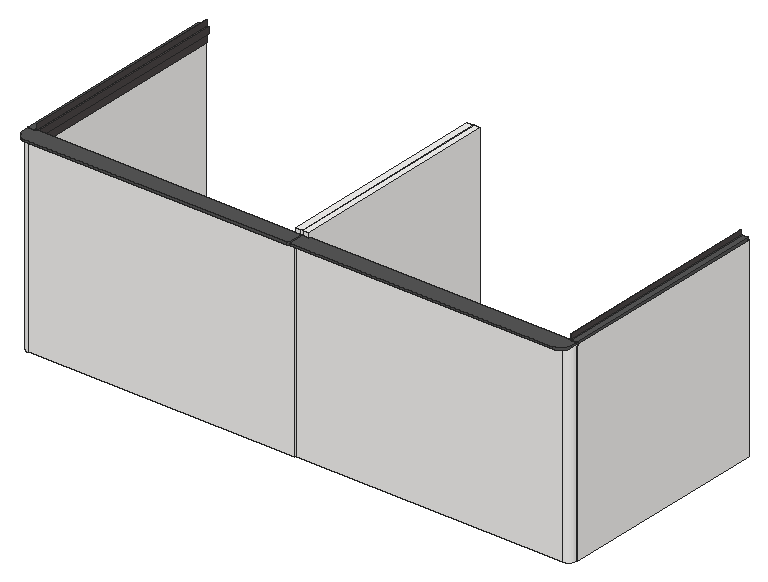
Revit family "vanity unit with 2 drawers for consoles with countertop basin ground", category Furniture, Revit 2019
Family settings
  OmniClass Number = 23.21.19.15.33.13
  Work Plane-Based = No
  Always vertical = Yes
  Cut with Voids When Loaded = No
  Shared = Yes
  Room Calculation Point = No
Parameters (values of type "Vanity unit 1360_550 with 2 drawers for consoles with countertop basin ground-54066670-High Gloss White-MATT_BLACK-400")
  etim7_EC011381 = "EC011381"
  WEIGHT = "45.1"
  Vanity unit 1560_550 with 2 drawers for consoles with countertop basin ground-54073700-Dark Walnut-MATT_WHITE-400_RX0RY0RZ0TX0TY0TZ0_V = no
  Vanity unit 1560_550 with 2 drawers for consoles with countertop basin ground-54073700-Dark Walnut-MATT_WHITE-200_RX0RY0RZ0TX0TY0TZ0_V = no
  Vanity unit 1560_550 with 2 drawers for consoles with countertop basin ground-54073670-Dark Walnut-MATT_BLACK-400_RX0RY0RZ0TX0TY0TZ0_V = no
  Vanity unit 1560_550 with 2 drawers for consoles with countertop basin ground-54073670-Dark Walnut-MATT_BLACK-200_RX0RY0RZ0TX0TY0TZ0_V = no
  Vanity unit 1560_550 with 2 drawers for consoles with countertop basin ground-54073000-Dark Walnut-CHROME-400_RX0RY0RZ0TX0TY0TZ0_V = no
  Vanity unit 1560_550 with 2 drawers for consoles with countertop basin ground-54073000-Dark Walnut-CHROME-200_RX0RY0RZ0TX0TY0TZ0_V = no
  Vanity unit 1560_550 with 2 drawers for consoles with countertop basin ground-54072700-Natural Oak-MATT_WHITE-400_RX0RY0RZ0TX0TY0TZ0_V = no
  Vanity unit 1560_550 with 2 drawers for consoles with countertop basin ground-54072700-Natural Oak-MATT_WHITE-200_RX0RY0RZ0TX0TY0TZ0_V = no
  Vanity unit 1560_550 with 2 drawers for consoles with countertop basin ground-54072670-Natural Oak-MATT_BLACK-400_RX0RY0RZ0TX0TY0TZ0_V = no
  Vanity unit 1560_550 with 2 drawers for consoles with countertop basin ground-54072670-Natural Oak-MATT_BLACK-200_RX0RY0RZ0TX0TY0TZ0_V = no
  Vanity unit 1560_550 with 2 drawers for consoles with countertop basin ground-54072000-Natural Oak-CHROME-400_RX0RY0RZ0TX0TY0TZ0_V = no
  Vanity unit 1560_550 with 2 drawers for consoles with countertop basin ground-54072000-Natural Oak-CHROME-200_RX0RY0RZ0TX0TY0TZ0_V = no
  Vanity unit 1560_550 with 2 drawers for consoles with countertop basin ground-54071700-Diamond Matt Grey-MATT_WHITE-400_RX0RY0RZ0TX0TY0TZ0_V = no
  Vanity unit 1560_550 with 2 drawers for consoles with countertop basin ground-54071700-Diamond Matt Grey-MATT_WHITE-200_RX0RY0RZ0TX0TY0TZ0_V = no
  Vanity unit 1560_550 with 2 drawers for consoles with countertop basin ground-54071670-Diamond Matt Grey-MATT_BLACK-400_RX0RY0RZ0TX0TY0TZ0_V = no
  Vanity unit 1560_550 with 2 drawers for consoles with countertop basin ground-54071670-Diamond Matt Grey-MATT_BLACK-200_RX0RY0RZ0TX0TY0TZ0_V = no
  Vanity unit 1560_550 with 2 drawers for consoles with countertop basin ground-54071000-Diamond Matt Grey-CHROME-400_RX0RY0RZ0TX0TY0TZ0_V = no
  Vanity unit 1560_550 with 2 drawers for consoles with countertop basin ground-54071000-Diamond Matt Grey-CHROME-200_RX0RY0RZ0TX0TY0TZ0_V = no
  Vanity unit 1560_550 with 2 drawers for consoles with countertop basin ground-54070700-High Gloss White-MATT_WHITE-400_RX0RY0RZ0TX0TY0TZ0_V = no
  Vanity unit 1560_550 with 2 drawers for consoles with countertop basin ground-54070700-High Gloss White-MATT_WHITE-200_RX0RY0RZ0TX0TY0TZ0_V = no
  Vanity unit 1560_550 with 2 drawers for consoles with countertop basin ground-54070670-High Gloss White-MATT_BLACK-400_RX0RY0RZ0TX0TY0TZ0_V = no
  Vanity unit 1560_550 with 2 drawers for consoles with countertop basin ground-54070670-High Gloss White-MATT_BLACK-200_RX0RY0RZ0TX0TY0TZ0_V = no
  Vanity unit 1560_550 with 2 drawers for consoles with countertop basin ground-54070000-High Gloss White-CHROME-400_RX0RY0RZ0TX0TY0TZ0_V = no
  Vanity unit 1560_550 with 2 drawers for consoles with countertop basin ground-54070000-High Gloss White-CHROME-200_RX0RY0RZ0TX0TY0TZ0_V = no
  Vanity unit 1360_550 with 2 drawers for consoles with countertop basin ground-54069700-Dark Walnut-MATT_WHITE-400_RX0RY0RZ0TX0TY0TZ0_V = no
  Vanity unit 1360_550 with 2 drawers for consoles with countertop basin ground-54069700-Dark Walnut-MATT_WHITE-200_RX0RY0RZ0TX0TY0TZ0_V = no
  Vanity unit 1360_550 with 2 drawers for consoles with countertop basin ground-54069670-Dark Walnut-MATT_BLACK-400_RX0RY0RZ0TX0TY0TZ0_V = no
  Vanity unit 1360_550 with 2 drawers for consoles with countertop basin ground-54069670-Dark Walnut-MATT_BLACK-200_RX0RY0RZ0TX0TY0TZ0_V = no
  Vanity unit 1360_550 with 2 drawers for consoles with countertop basin ground-54069000-Dark Walnut-CHROME-400_RX0RY0RZ0TX0TY0TZ0_V = no
  Vanity unit 1360_550 with 2 drawers for consoles with countertop basin ground-54069000-Dark Walnut-CHROME-200_RX0RY0RZ0TX0TY0TZ0_V = no
  Vanity unit 1360_550 with 2 drawers for consoles with countertop basin ground-54068700-Natural Oak-MATT_WHITE-400_RX0RY0RZ0TX0TY0TZ0_V = no
  Vanity unit 1360_550 with 2 drawers for consoles with countertop basin ground-54068700-Natural Oak-MATT_WHITE-200_RX0RY0RZ0TX0TY0TZ0_V = no
  Vanity unit 1360_550 with 2 drawers for consoles with countertop basin ground-54068670-Natural Oak-MATT_BLACK-400_RX0RY0RZ0TX0TY0TZ0_V = no
  Vanity unit 1360_550 with 2 drawers for consoles with countertop basin ground-54068670-Natural Oak-MATT_BLACK-200_RX0RY0RZ0TX0TY0TZ0_V = no
  Vanity unit 1360_550 with 2 drawers for consoles with countertop basin ground-54068000-Natural Oak-CHROME-400_RX0RY0RZ0TX0TY0TZ0_V = no
  Vanity unit 1360_550 with 2 drawers for consoles with countertop basin ground-54068000-Natural Oak-CHROME-200_RX0RY0RZ0TX0TY0TZ0_V = no
  Vanity unit 1360_550 with 2 drawers for consoles with countertop basin ground-54067700-Diamond Matt Grey-MATT_WHITE-400_RX0RY0RZ0TX0TY0TZ0_V = no
  Vanity unit 1360_550 with 2 drawers for consoles with countertop basin ground-54067700-Diamond Matt Grey-MATT_WHITE-200_RX0RY0RZ0TX0TY0TZ0_V = no
  Vanity unit 1360_550 with 2 drawers for consoles with countertop basin ground-54067670-Diamond Matt Grey-MATT_BLACK-400_RX0RY0RZ0TX0TY0TZ0_V = no
  Vanity unit 1360_550 with 2 drawers for consoles with countertop basin ground-54067670-Diamond Matt Grey-MATT_BLACK-200_RX0RY0RZ0TX0TY0TZ0_V = no
  Vanity unit 1360_550 with 2 drawers for consoles with countertop basin ground-54067000-Diamond Matt Grey-CHROME-400_RX0RY0RZ0TX0TY0TZ0_V = no
  Vanity unit 1360_550 with 2 drawers for consoles with countertop basin ground-54067000-Diamond Matt Grey-CHROME-200_RX0RY0RZ0TX0TY0TZ0_V = no
  Vanity unit 1360_550 with 2 drawers for consoles with countertop basin ground-54066700-High Gloss White-MATT_WHITE-400_RX0RY0RZ0TX0TY0TZ0_V = no
  Vanity unit 1360_550 with 2 drawers for consoles with countertop basin ground-54066700-High Gloss White-MATT_WHITE-200_RX0RY0RZ0TX0TY0TZ0_V = no
  Vanity unit 1360_550 with 2 drawers for consoles with countertop basin ground-54066670-High Gloss White-MATT_BLACK-400_RX0RY0RZ0TX0TY0TZ0_V = yes
  Vanity unit 1360_550 with 2 drawers for consoles with countertop basin ground-54066670-High Gloss White-MATT_BLACK-200_RX0RY0RZ0TX0TY0TZ0_V = no
  Vanity unit 1360_550 with 2 drawers for consoles with countertop basin ground-54066000-High Gloss White-CHROME-400_RX0RY0RZ0TX0TY0TZ0_V = no
  Vanity unit 1360_550 with 2 drawers for consoles with countertop basin ground-54066000-High Gloss White-CHROME-200_RX0RY0RZ0TX0TY0TZ0_V = no
  UNSPSC = "56 | Furniture and Furnishings"
  UNIFORMATII = "E2010 | Fixed Furnishings"
  UNICLASS_2015_CODE = "40_30_78_05"
  UNICLASS2015 = "Pr_40_30_78_05 | Bathroom furniture"
  SURFACE = "MATT_BLACK"
  REGIONSET = "Worldwide"
  PRODUCTURL = "https://pro.hansgrohe.com/articledetail--54066000"
  PRODUCTGROUP = "vanity unit"
  PRODUCTFAMILY = "Xelu Q"
  PERMALINK = "54066XXX"
  OMNICLASS = "23-21 19 15 33 13 | Residential Bathroom Specialty Casework"
  OBJECTTYPE = "Object (single object)"
  OBERFLAECHE = "High Gloss White"
  NN = "Vanity Unit with 2 Drawers for consoles with countertop basin ground"
  NBSYN = "$BASENUMBER.-$ARTNR.-$OBERFLAECHE.-$SURFACE.-$LODLEVEL."
  NB = "Vanity unit 1360/550 with 2 drawers for consoles with countertop basin ground-54066670-High Gloss White-MATT_BLACK-400"
  NAME = "Xelu Q Vanity unit High Gloss White 1360/550 with 2 drawers for consoles with countertop basin ground"
  Model = "Vanity unit 1360/550 with 2 drawers for consoles with countertop basin ground-54066670-High Gloss White-MATT_BLACK-400"
  Manufacturer = "Hansgrohe"
  MIdent = "{$CADENAS_DATA/23d-libs/hansgrohe/xelu_furniture/vanity_unit_with_2_drawers_for_consoles_countertop/vanity_unit_2_drawers_for_consoles_countertop.prj},446 {VTYP=3D},{NB=Vanity unit 1360/550 with 2 drawers for consoles with countertop basin ground-54066670-High Gloss White-MATT_BLACK-400},{LINA=Vanity unit 1360/550 with 2 drawers for consoles with countertop basin ground-54066670-High Gloss White-MATT_BLACK-400},{NN=Vanity Unit with 2 Drawers for consoles with countertop basin ground},{DATE=13.03.2023 02:42:47},{GEOMDATE=08.03.2023 14:02:26},{VERSION=},{LINEID=20},{WBVAR=LODLEVEL},{WBNUMERIC=}  {NB=Vanity unit 1360/550 with 2 drawers for consoles with countertop basin ground-54066670-High Gloss White-MATT_BLACK-400},{LINA=Vanity unit 1360/550 with 2 drawers for consoles with countertop basin ground-54066670-High Gloss White-MATT_BLACK-400},{KT=DUMMY},{IDNR=2},{ARTNR=54066670},{BASENUMBER=Vanity unit 1360/550 with 2 drawers for consoles with countertop basin ground},{MODEL=54066XXX},{OBERFLAECHE=High Gloss White},{SURFACE=MATT_BLACK},{L=1360},{LODLEVEL=400},{LODLEVELX='400','400','200','200'},{NAME=Xelu Q Vanity unit High Gloss White 1360/550 with 2 drawers for consoles with countertop basin ground},{PERMALINK=54066XXX},{OBJECTTYPE=Object (single object)},{BIMOBJECT=Sanitary: Compound units},{PRODUCTFAMILY=Xelu Q},{PRODUCTGROUP=vanity unit},{WEIGHT=45.1},{DESCRIPTION=Xelu Q Vanity unit High Gloss White 1360/550 with 2 drawers for consoles with countertop basin ground},{SPECIFICATION=},{PRODUCTURL=https://pro.hansgrohe.com/articledetail--54066000},{GTINCODE=4059625456378},{TENDERURL=},{IFC=Furnishing element},{ETIM=EC011381 | Bathroom furniture set},{UNICLASS2015=Pr_40_30_78_05 | Bathroom furniture},{OMNICLASS=23-21 19 15 33 13 | Residential Bathroom Specialty Casework},{MASTERFORMAT=12 35 30.23 | Bathroom Casework},{UNSPSC=56 | Furniture and Furnishings},{UNIFORMATII=E2010 | Fixed Furnishings},{REGIONSET=Worldwide},{DESIGN=Germany},{MANUFACTURER=Germany}"
  MASTERFORMAT = "12 35 30.23 | Bathroom Casework"
  LODLEVEL = "400"
  LINA = "Vanity unit 1360/550 with 2 drawers for consoles with countertop basin ground-54066670-High Gloss White-MATT_BLACK-400"
  L = 1360
  IFC = "Furnishing element"
  GTINCODE = "4059625456378"
  ETIM = "EC011381 | Bathroom furniture set"
  DESIGN = "Germany"
  CATALOG = "Hansgrohe"
  BIMOBJECT = "Sanitary: Compound units"
  BASENUMBER = "Vanity unit 1360/550 with 2 drawers for consoles with countertop basin ground"
  ARTNR = "54066670"
Reference planes
  plane 1 "Center (Front/Back)": y = 0
  plane 2: z = 0
  plane 3 "Center (Left/Right)": x = 0
Dimensions and locks
  aligned and locked: level to plane 2
Nested families
  nested 1: "vanity unit 1360_550 with 2 drawers for consoles with countertop basin ground-54066000-high gloss white-chrome-200_conte" at (0, 0, 0), visible <- "Vanity unit 1360_550 with 2 drawers for consoles with countertop basin ground-54066000-High Gloss White-CHROME-200_RX0RY0RZ0TX0TY0TZ0_V", ContentVisible <- "Vanity unit 1360_550 with 2 drawers for consoles with countertop basin ground-54066000-High Gloss White-CHROME-200_RX0RY0RZ0TX0TY0TZ0_V", type ""
    with ContentVisible no
  nested 2: "vanity unit 1360_550 with 2 drawers for consoles with countertop basin ground-54066000-high gloss white-chrome-400_conte" at (0, 0, 0), visible <- "Vanity unit 1360_550 with 2 drawers for consoles with countertop basin ground-54066000-High Gloss White-CHROME-400_RX0RY0RZ0TX0TY0TZ0_V", ContentVisible <- "Vanity unit 1360_550 with 2 drawers for consoles with countertop basin ground-54066000-High Gloss White-CHROME-400_RX0RY0RZ0TX0TY0TZ0_V", type ""
    with ContentVisible no
  nested 3: "vanity unit 1360_550 with 2 drawers for consoles with countertop basin ground-54066670-high gloss white-matt_black-200_c" at (0, 0, 0), visible <- "Vanity unit 1360_550 with 2 drawers for consoles with countertop basin ground-54066670-High Gloss White-MATT_BLACK-200_RX0RY0RZ0TX0TY0TZ0_V", ContentVisible <- "Vanity unit 1360_550 with 2 drawers for consoles with countertop basin ground-54066670-High Gloss White-MATT_BLACK-200_RX0RY0RZ0TX0TY0TZ0_V", type ""
    with ContentVisible no
  nested 4: "vanity unit 1360_550 with 2 drawers for consoles with countertop basin ground-54066670-high gloss white-matt_black-400_c" at (0, 0, 0), visible <- "Vanity unit 1360_550 with 2 drawers for consoles with countertop basin ground-54066670-High Gloss White-MATT_BLACK-400_RX0RY0RZ0TX0TY0TZ0_V", ContentVisible <- "Vanity unit 1360_550 with 2 drawers for consoles with countertop basin ground-54066670-High Gloss White-MATT_BLACK-400_RX0RY0RZ0TX0TY0TZ0_V", type "Vanity unit 1360_550 with 2 drawers for consoles with countertop basin ground-54066670-High Gloss White-MATT_BLACK-400_C"
    with ContentVisible yes
  nested 5: "vanity unit 1360_550 with 2 drawers for consoles with countertop basin ground-54066700-high gloss white-matt_white-200_c" at (0, 0, 0), visible <- "Vanity unit 1360_550 with 2 drawers for consoles with countertop basin ground-54066700-High Gloss White-MATT_WHITE-200_RX0RY0RZ0TX0TY0TZ0_V", ContentVisible <- "Vanity unit 1360_550 with 2 drawers for consoles with countertop basin ground-54066700-High Gloss White-MATT_WHITE-200_RX0RY0RZ0TX0TY0TZ0_V", type ""
    with ContentVisible no
  nested 6: "vanity unit 1360_550 with 2 drawers for consoles with countertop basin ground-54066700-high gloss white-matt_white-400_c" at (0, 0, 0), visible <- "Vanity unit 1360_550 with 2 drawers for consoles with countertop basin ground-54066700-High Gloss White-MATT_WHITE-400_RX0RY0RZ0TX0TY0TZ0_V", ContentVisible <- "Vanity unit 1360_550 with 2 drawers for consoles with countertop basin ground-54066700-High Gloss White-MATT_WHITE-400_RX0RY0RZ0TX0TY0TZ0_V", type ""
    with ContentVisible no
  nested 7: "vanity unit 1360_550 with 2 drawers for consoles with countertop basin ground-54067000-diamond matt grey-chrome-200_cont" at (0, 0, 0), visible <- "Vanity unit 1360_550 with 2 drawers for consoles with countertop basin ground-54067000-Diamond Matt Grey-CHROME-200_RX0RY0RZ0TX0TY0TZ0_V", ContentVisible <- "Vanity unit 1360_550 with 2 drawers for consoles with countertop basin ground-54067000-Diamond Matt Grey-CHROME-200_RX0RY0RZ0TX0TY0TZ0_V", type ""
    with ContentVisible no
  nested 8: "vanity unit 1360_550 with 2 drawers for consoles with countertop basin ground-54067000-diamond matt grey-chrome-400_cont" at (0, 0, 0), visible <- "Vanity unit 1360_550 with 2 drawers for consoles with countertop basin ground-54067000-Diamond Matt Grey-CHROME-400_RX0RY0RZ0TX0TY0TZ0_V", ContentVisible <- "Vanity unit 1360_550 with 2 drawers for consoles with countertop basin ground-54067000-Diamond Matt Grey-CHROME-400_RX0RY0RZ0TX0TY0TZ0_V", type ""
    with ContentVisible no
  nested 9: "vanity unit 1360_550 with 2 drawers for consoles with countertop basin ground-54067670-diamond matt grey-matt_black-200_" at (0, 0, 0), visible <- "Vanity unit 1360_550 with 2 drawers for consoles with countertop basin ground-54067670-Diamond Matt Grey-MATT_BLACK-200_RX0RY0RZ0TX0TY0TZ0_V", ContentVisible <- "Vanity unit 1360_550 with 2 drawers for consoles with countertop basin ground-54067670-Diamond Matt Grey-MATT_BLACK-200_RX0RY0RZ0TX0TY0TZ0_V", type ""
    with ContentVisible no
  nested 10: "vanity unit 1360_550 with 2 drawers for consoles with countertop basin ground-54067670-diamond matt grey-matt_black-400_" at (0, 0, 0), visible <- "Vanity unit 1360_550 with 2 drawers for consoles with countertop basin ground-54067670-Diamond Matt Grey-MATT_BLACK-400_RX0RY0RZ0TX0TY0TZ0_V", ContentVisible <- "Vanity unit 1360_550 with 2 drawers for consoles with countertop basin ground-54067670-Diamond Matt Grey-MATT_BLACK-400_RX0RY0RZ0TX0TY0TZ0_V", type ""
    with ContentVisible no
  nested 11: "vanity unit 1360_550 with 2 drawers for consoles with countertop basin ground-54067700-diamond matt grey-matt_white-200_" at (0, 0, 0), visible <- "Vanity unit 1360_550 with 2 drawers for consoles with countertop basin ground-54067700-Diamond Matt Grey-MATT_WHITE-200_RX0RY0RZ0TX0TY0TZ0_V", ContentVisible <- "Vanity unit 1360_550 with 2 drawers for consoles with countertop basin ground-54067700-Diamond Matt Grey-MATT_WHITE-200_RX0RY0RZ0TX0TY0TZ0_V", type ""
    with ContentVisible no
  nested 12: "vanity unit 1360_550 with 2 drawers for consoles with countertop basin ground-54067700-diamond matt grey-matt_white-400_" at (0, 0, 0), visible <- "Vanity unit 1360_550 with 2 drawers for consoles with countertop basin ground-54067700-Diamond Matt Grey-MATT_WHITE-400_RX0RY0RZ0TX0TY0TZ0_V", ContentVisible <- "Vanity unit 1360_550 with 2 drawers for consoles with countertop basin ground-54067700-Diamond Matt Grey-MATT_WHITE-400_RX0RY0RZ0TX0TY0TZ0_V", type ""
    with ContentVisible no
  nested 13: "vanity unit 1360_550 with 2 drawers for consoles with countertop basin ground-54068000-natural oak-chrome-200_content" at (0, 0, 0), visible <- "Vanity unit 1360_550 with 2 drawers for consoles with countertop basin ground-54068000-Natural Oak-CHROME-200_RX0RY0RZ0TX0TY0TZ0_V", ContentVisible <- "Vanity unit 1360_550 with 2 drawers for consoles with countertop basin ground-54068000-Natural Oak-CHROME-200_RX0RY0RZ0TX0TY0TZ0_V", type ""
    with ContentVisible no
  nested 14: "vanity unit 1360_550 with 2 drawers for consoles with countertop basin ground-54068000-natural oak-chrome-400_content" at (0, 0, 0), visible <- "Vanity unit 1360_550 with 2 drawers for consoles with countertop basin ground-54068000-Natural Oak-CHROME-400_RX0RY0RZ0TX0TY0TZ0_V", ContentVisible <- "Vanity unit 1360_550 with 2 drawers for consoles with countertop basin ground-54068000-Natural Oak-CHROME-400_RX0RY0RZ0TX0TY0TZ0_V", type ""
    with ContentVisible no
  nested 15: "vanity unit 1360_550 with 2 drawers for consoles with countertop basin ground-54068670-natural oak-matt_black-200_conten" at (0, 0, 0), visible <- "Vanity unit 1360_550 with 2 drawers for consoles with countertop basin ground-54068670-Natural Oak-MATT_BLACK-200_RX0RY0RZ0TX0TY0TZ0_V", ContentVisible <- "Vanity unit 1360_550 with 2 drawers for consoles with countertop basin ground-54068670-Natural Oak-MATT_BLACK-200_RX0RY0RZ0TX0TY0TZ0_V", type ""
    with ContentVisible no
  nested 16: "vanity unit 1360_550 with 2 drawers for consoles with countertop basin ground-54068670-natural oak-matt_black-400_conten" at (0, 0, 0), visible <- "Vanity unit 1360_550 with 2 drawers for consoles with countertop basin ground-54068670-Natural Oak-MATT_BLACK-400_RX0RY0RZ0TX0TY0TZ0_V", ContentVisible <- "Vanity unit 1360_550 with 2 drawers for consoles with countertop basin ground-54068670-Natural Oak-MATT_BLACK-400_RX0RY0RZ0TX0TY0TZ0_V", type ""
    with ContentVisible no
  nested 17: "vanity unit 1360_550 with 2 drawers for consoles with countertop basin ground-54068700-natural oak-matt_white-200_conten" at (0, 0, 0), visible <- "Vanity unit 1360_550 with 2 drawers for consoles with countertop basin ground-54068700-Natural Oak-MATT_WHITE-200_RX0RY0RZ0TX0TY0TZ0_V", ContentVisible <- "Vanity unit 1360_550 with 2 drawers for consoles with countertop basin ground-54068700-Natural Oak-MATT_WHITE-200_RX0RY0RZ0TX0TY0TZ0_V", type ""
    with ContentVisible no
  nested 18: "vanity unit 1360_550 with 2 drawers for consoles with countertop basin ground-54068700-natural oak-matt_white-400_conten" at (0, 0, 0), visible <- "Vanity unit 1360_550 with 2 drawers for consoles with countertop basin ground-54068700-Natural Oak-MATT_WHITE-400_RX0RY0RZ0TX0TY0TZ0_V", ContentVisible <- "Vanity unit 1360_550 with 2 drawers for consoles with countertop basin ground-54068700-Natural Oak-MATT_WHITE-400_RX0RY0RZ0TX0TY0TZ0_V", type ""
    with ContentVisible no
  nested 19: "vanity unit 1360_550 with 2 drawers for consoles with countertop basin ground-54069000-dark walnut-chrome-200_content" at (0, 0, 0), visible <- "Vanity unit 1360_550 with 2 drawers for consoles with countertop basin ground-54069000-Dark Walnut-CHROME-200_RX0RY0RZ0TX0TY0TZ0_V", ContentVisible <- "Vanity unit 1360_550 with 2 drawers for consoles with countertop basin ground-54069000-Dark Walnut-CHROME-200_RX0RY0RZ0TX0TY0TZ0_V", type ""
    with ContentVisible no
  nested 20: "vanity unit 1360_550 with 2 drawers for consoles with countertop basin ground-54069000-dark walnut-chrome-400_content" at (0, 0, 0), visible <- "Vanity unit 1360_550 with 2 drawers for consoles with countertop basin ground-54069000-Dark Walnut-CHROME-400_RX0RY0RZ0TX0TY0TZ0_V", ContentVisible <- "Vanity unit 1360_550 with 2 drawers for consoles with countertop basin ground-54069000-Dark Walnut-CHROME-400_RX0RY0RZ0TX0TY0TZ0_V", type ""
    with ContentVisible no
  nested 21: "vanity unit 1360_550 with 2 drawers for consoles with countertop basin ground-54069670-dark walnut-matt_black-200_conten" at (0, 0, 0), visible <- "Vanity unit 1360_550 with 2 drawers for consoles with countertop basin ground-54069670-Dark Walnut-MATT_BLACK-200_RX0RY0RZ0TX0TY0TZ0_V", ContentVisible <- "Vanity unit 1360_550 with 2 drawers for consoles with countertop basin ground-54069670-Dark Walnut-MATT_BLACK-200_RX0RY0RZ0TX0TY0TZ0_V", type ""
    with ContentVisible no
  nested 22: "vanity unit 1360_550 with 2 drawers for consoles with countertop basin ground-54069670-dark walnut-matt_black-400_conten" at (0, 0, 0), visible <- "Vanity unit 1360_550 with 2 drawers for consoles with countertop basin ground-54069670-Dark Walnut-MATT_BLACK-400_RX0RY0RZ0TX0TY0TZ0_V", ContentVisible <- "Vanity unit 1360_550 with 2 drawers for consoles with countertop basin ground-54069670-Dark Walnut-MATT_BLACK-400_RX0RY0RZ0TX0TY0TZ0_V", type ""
    with ContentVisible no
  nested 23: "vanity unit 1360_550 with 2 drawers for consoles with countertop basin ground-54069700-dark walnut-matt_white-200_conten" at (0, 0, 0), visible <- "Vanity unit 1360_550 with 2 drawers for consoles with countertop basin ground-54069700-Dark Walnut-MATT_WHITE-200_RX0RY0RZ0TX0TY0TZ0_V", ContentVisible <- "Vanity unit 1360_550 with 2 drawers for consoles with countertop basin ground-54069700-Dark Walnut-MATT_WHITE-200_RX0RY0RZ0TX0TY0TZ0_V", type ""
    with ContentVisible no
  nested 24: "vanity unit 1360_550 with 2 drawers for consoles with countertop basin ground-54069700-dark walnut-matt_white-400_conten" at (0, 0, 0), visible <- "Vanity unit 1360_550 with 2 drawers for consoles with countertop basin ground-54069700-Dark Walnut-MATT_WHITE-400_RX0RY0RZ0TX0TY0TZ0_V", ContentVisible <- "Vanity unit 1360_550 with 2 drawers for consoles with countertop basin ground-54069700-Dark Walnut-MATT_WHITE-400_RX0RY0RZ0TX0TY0TZ0_V", type ""
    with ContentVisible no
  nested 25: "vanity unit 1560_550 with 2 drawers for consoles with countertop basin ground-54070000-high gloss white-chrome-200_conte" at (0, 0, 0), visible <- "Vanity unit 1560_550 with 2 drawers for consoles with countertop basin ground-54070000-High Gloss White-CHROME-200_RX0RY0RZ0TX0TY0TZ0_V", ContentVisible <- "Vanity unit 1560_550 with 2 drawers for consoles with countertop basin ground-54070000-High Gloss White-CHROME-200_RX0RY0RZ0TX0TY0TZ0_V", type ""
    with ContentVisible no
  nested 26: "vanity unit 1560_550 with 2 drawers for consoles with countertop basin ground-54070000-high gloss white-chrome-400_conte" at (0, 0, 0), visible <- "Vanity unit 1560_550 with 2 drawers for consoles with countertop basin ground-54070000-High Gloss White-CHROME-400_RX0RY0RZ0TX0TY0TZ0_V", ContentVisible <- "Vanity unit 1560_550 with 2 drawers for consoles with countertop basin ground-54070000-High Gloss White-CHROME-400_RX0RY0RZ0TX0TY0TZ0_V", type ""
    with ContentVisible no
  nested 27: "vanity unit 1560_550 with 2 drawers for consoles with countertop basin ground-54070670-high gloss white-matt_black-200_c" at (0, 0, 0), visible <- "Vanity unit 1560_550 with 2 drawers for consoles with countertop basin ground-54070670-High Gloss White-MATT_BLACK-200_RX0RY0RZ0TX0TY0TZ0_V", ContentVisible <- "Vanity unit 1560_550 with 2 drawers for consoles with countertop basin ground-54070670-High Gloss White-MATT_BLACK-200_RX0RY0RZ0TX0TY0TZ0_V", type ""
    with ContentVisible no
  nested 28: "vanity unit 1560_550 with 2 drawers for consoles with countertop basin ground-54070670-high gloss white-matt_black-400_c" at (0, 0, 0), visible <- "Vanity unit 1560_550 with 2 drawers for consoles with countertop basin ground-54070670-High Gloss White-MATT_BLACK-400_RX0RY0RZ0TX0TY0TZ0_V", ContentVisible <- "Vanity unit 1560_550 with 2 drawers for consoles with countertop basin ground-54070670-High Gloss White-MATT_BLACK-400_RX0RY0RZ0TX0TY0TZ0_V", type ""
    with ContentVisible no
  nested 29: "vanity unit 1560_550 with 2 drawers for consoles with countertop basin ground-54070700-high gloss white-matt_white-200_c" at (0, 0, 0), visible <- "Vanity unit 1560_550 with 2 drawers for consoles with countertop basin ground-54070700-High Gloss White-MATT_WHITE-200_RX0RY0RZ0TX0TY0TZ0_V", ContentVisible <- "Vanity unit 1560_550 with 2 drawers for consoles with countertop basin ground-54070700-High Gloss White-MATT_WHITE-200_RX0RY0RZ0TX0TY0TZ0_V", type ""
    with ContentVisible no
  nested 30: "vanity unit 1560_550 with 2 drawers for consoles with countertop basin ground-54070700-high gloss white-matt_white-400_c" at (0, 0, 0), visible <- "Vanity unit 1560_550 with 2 drawers for consoles with countertop basin ground-54070700-High Gloss White-MATT_WHITE-400_RX0RY0RZ0TX0TY0TZ0_V", ContentVisible <- "Vanity unit 1560_550 with 2 drawers for consoles with countertop basin ground-54070700-High Gloss White-MATT_WHITE-400_RX0RY0RZ0TX0TY0TZ0_V", type ""
    with ContentVisible no
  nested 31: "vanity unit 1560_550 with 2 drawers for consoles with countertop basin ground-54071000-diamond matt grey-chrome-200_cont" at (0, 0, 0), visible <- "Vanity unit 1560_550 with 2 drawers for consoles with countertop basin ground-54071000-Diamond Matt Grey-CHROME-200_RX0RY0RZ0TX0TY0TZ0_V", ContentVisible <- "Vanity unit 1560_550 with 2 drawers for consoles with countertop basin ground-54071000-Diamond Matt Grey-CHROME-200_RX0RY0RZ0TX0TY0TZ0_V", type ""
    with ContentVisible no
  nested 32: "vanity unit 1560_550 with 2 drawers for consoles with countertop basin ground-54071000-diamond matt grey-chrome-400_cont" at (0, 0, 0), visible <- "Vanity unit 1560_550 with 2 drawers for consoles with countertop basin ground-54071000-Diamond Matt Grey-CHROME-400_RX0RY0RZ0TX0TY0TZ0_V", ContentVisible <- "Vanity unit 1560_550 with 2 drawers for consoles with countertop basin ground-54071000-Diamond Matt Grey-CHROME-400_RX0RY0RZ0TX0TY0TZ0_V", type ""
    with ContentVisible no
  nested 33: "vanity unit 1560_550 with 2 drawers for consoles with countertop basin ground-54071670-diamond matt grey-matt_black-200_" at (0, 0, 0), visible <- "Vanity unit 1560_550 with 2 drawers for consoles with countertop basin ground-54071670-Diamond Matt Grey-MATT_BLACK-200_RX0RY0RZ0TX0TY0TZ0_V", ContentVisible <- "Vanity unit 1560_550 with 2 drawers for consoles with countertop basin ground-54071670-Diamond Matt Grey-MATT_BLACK-200_RX0RY0RZ0TX0TY0TZ0_V", type ""
    with ContentVisible no
  nested 34: "vanity unit 1560_550 with 2 drawers for consoles with countertop basin ground-54071670-diamond matt grey-matt_black-400_" at (0, 0, 0), visible <- "Vanity unit 1560_550 with 2 drawers for consoles with countertop basin ground-54071670-Diamond Matt Grey-MATT_BLACK-400_RX0RY0RZ0TX0TY0TZ0_V", ContentVisible <- "Vanity unit 1560_550 with 2 drawers for consoles with countertop basin ground-54071670-Diamond Matt Grey-MATT_BLACK-400_RX0RY0RZ0TX0TY0TZ0_V", type ""
    with ContentVisible no
  nested 35: "vanity unit 1560_550 with 2 drawers for consoles with countertop basin ground-54071700-diamond matt grey-matt_white-200_" at (0, 0, 0), visible <- "Vanity unit 1560_550 with 2 drawers for consoles with countertop basin ground-54071700-Diamond Matt Grey-MATT_WHITE-200_RX0RY0RZ0TX0TY0TZ0_V", ContentVisible <- "Vanity unit 1560_550 with 2 drawers for consoles with countertop basin ground-54071700-Diamond Matt Grey-MATT_WHITE-200_RX0RY0RZ0TX0TY0TZ0_V", type ""
    with ContentVisible no
  nested 36: "vanity unit 1560_550 with 2 drawers for consoles with countertop basin ground-54071700-diamond matt grey-matt_white-400_" at (0, 0, 0), visible <- "Vanity unit 1560_550 with 2 drawers for consoles with countertop basin ground-54071700-Diamond Matt Grey-MATT_WHITE-400_RX0RY0RZ0TX0TY0TZ0_V", ContentVisible <- "Vanity unit 1560_550 with 2 drawers for consoles with countertop basin ground-54071700-Diamond Matt Grey-MATT_WHITE-400_RX0RY0RZ0TX0TY0TZ0_V", type ""
    with ContentVisible no
  nested 37: "vanity unit 1560_550 with 2 drawers for consoles with countertop basin ground-54072000-natural oak-chrome-200_content" at (0, 0, 0), visible <- "Vanity unit 1560_550 with 2 drawers for consoles with countertop basin ground-54072000-Natural Oak-CHROME-200_RX0RY0RZ0TX0TY0TZ0_V", ContentVisible <- "Vanity unit 1560_550 with 2 drawers for consoles with countertop basin ground-54072000-Natural Oak-CHROME-200_RX0RY0RZ0TX0TY0TZ0_V", type ""
    with ContentVisible no
  nested 38: "vanity unit 1560_550 with 2 drawers for consoles with countertop basin ground-54072000-natural oak-chrome-400_content" at (0, 0, 0), visible <- "Vanity unit 1560_550 with 2 drawers for consoles with countertop basin ground-54072000-Natural Oak-CHROME-400_RX0RY0RZ0TX0TY0TZ0_V", ContentVisible <- "Vanity unit 1560_550 with 2 drawers for consoles with countertop basin ground-54072000-Natural Oak-CHROME-400_RX0RY0RZ0TX0TY0TZ0_V", type ""
    with ContentVisible no
  nested 39: "vanity unit 1560_550 with 2 drawers for consoles with countertop basin ground-54072670-natural oak-matt_black-200_conten" at (0, 0, 0), visible <- "Vanity unit 1560_550 with 2 drawers for consoles with countertop basin ground-54072670-Natural Oak-MATT_BLACK-200_RX0RY0RZ0TX0TY0TZ0_V", ContentVisible <- "Vanity unit 1560_550 with 2 drawers for consoles with countertop basin ground-54072670-Natural Oak-MATT_BLACK-200_RX0RY0RZ0TX0TY0TZ0_V", type ""
    with ContentVisible no
  nested 40: "vanity unit 1560_550 with 2 drawers for consoles with countertop basin ground-54072670-natural oak-matt_black-400_conten" at (0, 0, 0), visible <- "Vanity unit 1560_550 with 2 drawers for consoles with countertop basin ground-54072670-Natural Oak-MATT_BLACK-400_RX0RY0RZ0TX0TY0TZ0_V", ContentVisible <- "Vanity unit 1560_550 with 2 drawers for consoles with countertop basin ground-54072670-Natural Oak-MATT_BLACK-400_RX0RY0RZ0TX0TY0TZ0_V", type ""
    with ContentVisible no
  nested 41: "vanity unit 1560_550 with 2 drawers for consoles with countertop basin ground-54072700-natural oak-matt_white-200_conten" at (0, 0, 0), visible <- "Vanity unit 1560_550 with 2 drawers for consoles with countertop basin ground-54072700-Natural Oak-MATT_WHITE-200_RX0RY0RZ0TX0TY0TZ0_V", ContentVisible <- "Vanity unit 1560_550 with 2 drawers for consoles with countertop basin ground-54072700-Natural Oak-MATT_WHITE-200_RX0RY0RZ0TX0TY0TZ0_V", type ""
    with ContentVisible no
  nested 42: "vanity unit 1560_550 with 2 drawers for consoles with countertop basin ground-54072700-natural oak-matt_white-400_conten" at (0, 0, 0), visible <- "Vanity unit 1560_550 with 2 drawers for consoles with countertop basin ground-54072700-Natural Oak-MATT_WHITE-400_RX0RY0RZ0TX0TY0TZ0_V", ContentVisible <- "Vanity unit 1560_550 with 2 drawers for consoles with countertop basin ground-54072700-Natural Oak-MATT_WHITE-400_RX0RY0RZ0TX0TY0TZ0_V", type ""
    with ContentVisible no
  nested 43: "vanity unit 1560_550 with 2 drawers for consoles with countertop basin ground-54073000-dark walnut-chrome-200_content" at (0, 0, 0), visible <- "Vanity unit 1560_550 with 2 drawers for consoles with countertop basin ground-54073000-Dark Walnut-CHROME-200_RX0RY0RZ0TX0TY0TZ0_V", ContentVisible <- "Vanity unit 1560_550 with 2 drawers for consoles with countertop basin ground-54073000-Dark Walnut-CHROME-200_RX0RY0RZ0TX0TY0TZ0_V", type ""
    with ContentVisible no
  nested 44: "vanity unit 1560_550 with 2 drawers for consoles with countertop basin ground-54073000-dark walnut-chrome-400_content" at (0, 0, 0), visible <- "Vanity unit 1560_550 with 2 drawers for consoles with countertop basin ground-54073000-Dark Walnut-CHROME-400_RX0RY0RZ0TX0TY0TZ0_V", ContentVisible <- "Vanity unit 1560_550 with 2 drawers for consoles with countertop basin ground-54073000-Dark Walnut-CHROME-400_RX0RY0RZ0TX0TY0TZ0_V", type ""
    with ContentVisible no
  nested 45: "vanity unit 1560_550 with 2 drawers for consoles with countertop basin ground-54073670-dark walnut-matt_black-200_conten" at (0, 0, 0), visible <- "Vanity unit 1560_550 with 2 drawers for consoles with countertop basin ground-54073670-Dark Walnut-MATT_BLACK-200_RX0RY0RZ0TX0TY0TZ0_V", ContentVisible <- "Vanity unit 1560_550 with 2 drawers for consoles with countertop basin ground-54073670-Dark Walnut-MATT_BLACK-200_RX0RY0RZ0TX0TY0TZ0_V", type ""
    with ContentVisible no
  nested 46: "vanity unit 1560_550 with 2 drawers for consoles with countertop basin ground-54073670-dark walnut-matt_black-400_conten" at (0, 0, 0), visible <- "Vanity unit 1560_550 with 2 drawers for consoles with countertop basin ground-54073670-Dark Walnut-MATT_BLACK-400_RX0RY0RZ0TX0TY0TZ0_V", ContentVisible <- "Vanity unit 1560_550 with 2 drawers for consoles with countertop basin ground-54073670-Dark Walnut-MATT_BLACK-400_RX0RY0RZ0TX0TY0TZ0_V", type ""
    with ContentVisible no
  nested 47: "vanity unit 1560_550 with 2 drawers for consoles with countertop basin ground-54073700-dark walnut-matt_white-200_conten" at (0, 0, 0), visible <- "Vanity unit 1560_550 with 2 drawers for consoles with countertop basin ground-54073700-Dark Walnut-MATT_WHITE-200_RX0RY0RZ0TX0TY0TZ0_V", ContentVisible <- "Vanity unit 1560_550 with 2 drawers for consoles with countertop basin ground-54073700-Dark Walnut-MATT_WHITE-200_RX0RY0RZ0TX0TY0TZ0_V", type ""
    with ContentVisible no
  nested 48: "vanity unit 1560_550 with 2 drawers for consoles with countertop basin ground-54073700-dark walnut-matt_white-400_conten" at (0, 0, 0), visible <- "Vanity unit 1560_550 with 2 drawers for consoles with countertop basin ground-54073700-Dark Walnut-MATT_WHITE-400_RX0RY0RZ0TX0TY0TZ0_V", ContentVisible <- "Vanity unit 1560_550 with 2 drawers for consoles with countertop basin ground-54073700-Dark Walnut-MATT_WHITE-400_RX0RY0RZ0TX0TY0TZ0_V", type ""
    with ContentVisible no
Definition of nested family "vanity unit 1360_550 with 2 drawers for consoles with countertop basin ground-54066670-high gloss white-matt_black-400_c"
  Parameters (values of type "Vanity unit 1360_550 with 2 drawers for consoles with countertop basin ground-54066670-High Gloss White-MATT_BLACK-400_C")
    etim7_EC011381 = "EC011381"
    WEIGHT = "45.1"
    UNSPSC = "56 | Furniture and Furnishings"
    UNIFORMATII = "E2010 | Fixed Furnishings"
    UNICLASS_2015_CODE = "40_30_78_05"
    UNICLASS2015 = "Pr_40_30_78_05 | Bathroom furniture"
    SURFACE = "MATT_BLACK"
    REGIONSET = "Worldwide"
    PRODUCTURL = "https://pro.hansgrohe.com/articledetail--54066000"
    PRODUCTGROUP = "vanity unit"
    PRODUCTFAMILY = "Xelu Q"
    PERMALINK = "54066XXX"
    OMNICLASS = "23-21 19 15 33 13 | Residential Bathroom Specialty Casework"
    OBJECTTYPE = "Object (single object)"
    OBERFLAECHE = "High Gloss White"
    NN = "Vanity Unit with 2 Drawers for consoles with countertop basin ground"
    NBSYN = "$BASENUMBER.-$ARTNR.-$OBERFLAECHE.-$SURFACE.-$LODLEVEL."
    NB = "Vanity unit 1360/550 with 2 drawers for consoles with countertop basin ground-54066670-High Gloss White-MATT_BLACK-400"
    NAME = "Xelu Q Vanity unit High Gloss White 1360/550 with 2 drawers for consoles with countertop basin ground"
    Model = "Vanity unit 1360/550 with 2 drawers for consoles with countertop basin ground-54066670-High Gloss White-MATT_BLACK-400"
    Manufacturer = "Hansgrohe"
    MASTERFORMAT = "12 35 30.23 | Bathroom Casework"
    LODLEVEL = "400"
    LINA = "Vanity unit 1360/550 with 2 drawers for consoles with countertop basin ground-54066670-High Gloss White-MATT_BLACK-400"
    L = 1360
    IFC = "Furnishing element"
    GTINCODE = "4059625456378"
    ETIM = "EC011381 | Bathroom furniture set"
    Default Elevation = 1219.2 mm
    DESIGN = "Germany"
    ContentVisible [instance] = yes
    CATALOG = "Hansgrohe"
    BIMOBJECT = "Sanitary: Compound units"
    BASENUMBER = "Vanity unit 1360/550 with 2 drawers for consoles with countertop basin ground"
    ARTNR = "54066670"
  Reference planes
    plane 1 "Center (Front/Back)": y = 0
    plane 2: z = 0
    plane 3 "Center (Left/Right)": x = 0
  Forms (mm)
    Extrusion 1, solid, visible <- "ContentVisible", detail levels medium+fine
      sketch origin (0, 0, 0) x (1, 0, 0) y (0, 1, 0)
        loop
          line (-680, 0) -> (-680, -527)
          arc (-680, -527) -> (-679.121, -529.121) -> (-677, -530) r 3
          line (-677, -530) -> (-664, -530) -> (-664, 0) -> (-680, 0)
      from 0 to 480
    Extrusion 2, solid, visible <- "ContentVisible", detail levels medium+fine
      sketch origin (0, 0, 0) x (1, 0, 0) y (0, 1, 0)
        loop
          line (-664, -133) -> (-664, -499.5) -> (-16, -499.5) -> (-16, -133) -> (-664, -133)
      from 0 to 16
    Extrusion 3, solid, visible <- "ContentVisible", detail levels medium+fine
      sketch origin (0, 0, 0) x (1, 0, 0) y (0, 1, 0)
        loop
          line (-16, 0) -> (-16, -530) -> (-3, -530)
          arc (-3, -530) -> (-0.879, -529.121) -> (0, -527) r 3
          line (0, -527) -> (0, 0) -> (-16, 0)
      from 0 to 496
    Extrusion 4, solid, visible <- "ContentVisible", detail levels medium+fine
      sketch origin (0, 0, 0) x (1, 0, 0) y (0, 1, 0)
        loop
          line (0, 0) -> (0, -527)
          arc (0, -527) -> (0.879, -529.121) -> (3, -530) r 3
          line (3, -530) -> (16, -530) -> (16, 0) -> (0, 0)
      from 0 to 496
    Extrusion 5, solid, visible <- "ContentVisible", detail levels medium+fine
      sketch origin (0, 0, 0) x (1, 0, 0) y (0, 1, 0)
        loop
          line (16, -499.5) -> (664, -499.5) -> (664, -133) -> (16, -133) -> (16, -499.5)
      from 0 to 16
    Extrusion 6, solid, visible <- "ContentVisible", detail levels medium+fine
      sketch origin (0, 0, 0) x (1, 0, 0) y (0, 1, 0)
        loop
          line (664, 0) -> (664, -530) -> (677, -530)
          arc (677, -530) -> (679.121, -529.121) -> (680, -527) r 3
          line (680, -527) -> (680, 0) -> (664, 0)
      from 0 to 480
    Extrusion 7, solid, visible <- "ContentVisible", detail levels medium+fine
      sketch origin (0, 0, 0) x (1, 0, 0) y (0, 1, 0)
        loop
          line (-664, -117) -> (-664, -133) -> (664, -133) -> (664, -117) -> (-664, -117)
      from 0 to 126
    Extrusion 8, solid, visible <- "ContentVisible", detail levels medium+fine
      sketch origin (0, 0, 2) x (1, 0, 0) y (0, 1, 0)
        loop
          arc (-680, -532) -> (-674.435, -545.435) -> (-661, -551) r 19
          line (-661, -551) -> (-2.5, -551)
          arc (-2.5, -551) -> (-1.793, -550.707) -> (-1.5, -550) r 1
          line (-1.5, -550) -> (-1.5, -530) -> (-680, -530) -> (-680, -532)
      from 0 to 478
    Extrusion 9, solid, visible <- "ContentVisible", detail levels medium+fine
      sketch origin (0, 0, 2) x (1, 0, 0) y (0, 1, 0)
        loop
          arc (1.5, -550) -> (1.793, -550.707) -> (2.5, -551) r 1
          line (2.5, -551) -> (661, -551)
          arc (661, -551) -> (674.435, -545.435) -> (680, -532) r 19
          line (680, -532) -> (680, -530) -> (1.5, -530) -> (1.5, -550)
      from 0 to 478
    Extrusion 10, solid, visible <- "ContentVisible", detail levels medium+fine
      sketch origin (0, 0, 480) x (1, 0, 0) y (0, 1, 0)
        loop
          line (-678.5, -530) -> (-678.5, -546)
          arc (-678.5, -546) -> (-671.178, -563.678) -> (-653.5, -571) r 25
          line (-653.5, -571) -> (-4.5, -571)
          arc (-4.5, -571) -> (-2.379, -570.121) -> (-1.5, -568) r 3
          line (-1.5, -568) -> (-1.5, -528.5) -> (-658.5, -528.5) -> (-658.5, -530) -> (-678.5, -530)
      from 0 to 5
    Extrusion 11, solid, visible <- "ContentVisible", detail levels medium+fine
      sketch origin (0, 0, 480) x (1, 0, 0) y (0, 1, 0)
        loop
          arc (1.5, -568) -> (2.379, -570.121) -> (4.5, -571) r 3
          line (4.5, -571) -> (653.5, -571)
          arc (653.5, -571) -> (671.178, -563.678) -> (678.5, -546) r 25
          line (678.5, -546) -> (678.5, -530) -> (658.5, -530) -> (658.5, -528.5) -> (1.5, -528.5) -> (1.5, -568)
      from 0 to 5
    Extrusion 12, solid, visible <- "ContentVisible", detail levels medium+fine
      sketch origin (-1.5, 0, 0) x (0, 0, -1) y (0, 1, 0)
        loop
          line (-480, -528.5) -> (-480, -530) -> (-450, -530) -> (-450, -528.5) -> (-480, -528.5)
      from -664 to 0
    Extrusion 13, solid, visible <- "ContentVisible", detail levels medium+fine
      sketch origin (1.5, 0, 0) x (0, 0, -1) y (0, 1, 0)
        loop
          line (-480, -528.5) -> (-480, -530) -> (-450, -530) -> (-450, -528.5) -> (-480, -528.5)
      from 0 to 664
    Extrusion 14, solid, visible <- "ContentVisible", detail levels medium+fine
      sketch origin (0, 0, 0) x (1, 0, 0) y (0, 0, -1)
        loop
          line (-664, -447) -> (-664, -485) -> (-662.5, -485) -> (-662.5, -447) -> (-664, -447)
      from -528.5 to 0
    Extrusion 15, solid, visible <- "ContentVisible", detail levels medium+fine
      sketch origin (0, 0, 0) x (1, 0, 0) y (0, 0, -1)
        loop
          line (662.5, -446.8) -> (662.5, -485) -> (664, -485) -> (664, -446.8) -> (662.5, -446.8)
      from -528.5 to 0
    Extrusion 16, solid, visible <- "ContentVisible", detail levels medium+fine
      sketch origin (0, 0, 480) x (1, 0, 0) y (0, 1, 0)
        loop
          line (-680, -3) -> (-680, -527)
          arc (-680, -527) -> (-679.121, -529.121) -> (-677, -530) r 3
          line (-677, -530) -> (-664, -530) -> (-664, 0) -> (-677, 0)
          arc (-677, 0) -> (-679.121, -0.879) -> (-680, -3) r 3
      from 0 to 5
    Extrusion 17, solid, visible <- "ContentVisible", detail levels medium+fine
      sketch origin (0, 0, 480) x (1, 0, 0) y (0, 1, 0)
        loop
          line (664, 0) -> (664, -530) -> (677, -530)
          arc (677, -530) -> (679.121, -529.121) -> (680, -527) r 3
          line (680, -527) -> (680, -3)
          arc (680, -3) -> (679.121, -0.879) -> (677, 0) r 3
          line (677, 0) -> (664, 0)
      from 0 to 5
    Extrusion 18, solid, visible <- "ContentVisible", detail levels medium+fine
      sketch origin (0, 0, 0) x (1, 0, 0) y (0, 0, -1)
        loop
          line (-662.5, -447) -> (-662.5, -496) -> (-661, -496) -> (-661, -483) -> (-656.4, -483) -> (-656.4, -468.5) -> (-661, -468.5) -> (-661, -447) -> (-662.5, -447)
      from -525 to 0
    Extrusion 19, solid, visible <- "ContentVisible", detail levels medium+fine
      sketch origin (0, 0, 0) x (1, 0, 0) y (0, 0, -1)
        loop
          line (656.4, -468.5) -> (656.4, -483) -> (661, -483) -> (661, -496) -> (662.5, -496) -> (662.5, -447) -> (661, -447) -> (661, -468.5) -> (656.4, -468.5)
      from -525 to 0
    Extrusion 20, solid, visible <- "ContentVisible", detail levels medium+fine
      sketch origin (0, 0, 0) x (0, 0, -1) y (0, 1, 0)
        loop
          line (-440, -477) -> (-440, -493) -> (-366, -493) -> (-366, -477) -> (-440, -477)
      from -664 to 664
    Extrusion 21, solid, visible <- "ContentVisible", detail levels coarse
      sketch origin (0, -285.5, 0) x (1, 0, 0) y (0, 1, 0)
        loop
          line (-680, -285.5) -> (680, -285.5) -> (680, 285.5) -> (-680, 285.5) -> (-680, -285.5)
      from 0 to 496
  Dimensions and locks
    aligned and locked: level to plane 2
Definition of nested family "vanity unit 1360_550 with 2 drawers for consoles with countertop basin ground-54066000-high gloss white-chrome-200_conte"
  Parameters (values of type "Vanity unit 1360_550 with 2 drawers for consoles with countertop basin ground-54066000-High Gloss White-CHROME-200_Conte")
    etim7_EC011381 = "EC011381"
    WEIGHT = "45.1"
    UNSPSC = "56 | Furniture and Furnishings"
    UNIFORMATII = "E2010 | Fixed Furnishings"
    UNICLASS_2015_CODE = "40_30_78_05"
    UNICLASS2015 = "Pr_40_30_78_05 | Bathroom furniture"
    SURFACE = "CHROME"
    REGIONSET = "Worldwide"
    PRODUCTURL = "https://pro.hansgrohe.com/articledetail--54066000"
    PRODUCTGROUP = "vanity unit"
    PRODUCTFAMILY = "Xelu Q"
    PERMALINK = "54066XXX"
    OMNICLASS = "23-21 19 15 33 13 | Residential Bathroom Specialty Casework"
    OBJECTTYPE = "Object (single object)"
    OBERFLAECHE = "High Gloss White"
    NN = "Vanity Unit with 2 Drawers for consoles with countertop basin ground"
    NBSYN = "$BASENUMBER.-$ARTNR.-$OBERFLAECHE.-$SURFACE.-$LODLEVEL."
    NB = "Vanity unit 1360/550 with 2 drawers for consoles with countertop basin ground-54066000-High Gloss White-CHROME-200"
    NAME = "Xelu Q Vanity unit High Gloss White 1360/550 with 2 drawers for consoles with countertop basin ground"
    Model = "Vanity unit 1360/550 with 2 drawers for consoles with countertop basin ground-54066000-High Gloss White-CHROME-200"
    Manufacturer = "Hansgrohe"
    MASTERFORMAT = "12 35 30.23 | Bathroom Casework"
    LODLEVEL = "200"
    LINA = "Vanity unit 1360/550 with 2 drawers for consoles with countertop basin ground-54066000-High Gloss White-CHROME-200"
    L = 1360
    IFC = "Furnishing element"
    GTINCODE = "4059625456378"
    ETIM = "EC011381 | Bathroom furniture set"
    Default Elevation = 1219.2 mm
    DESIGN = "Germany"
    ContentVisible [instance] = yes
    CATALOG = "Hansgrohe"
    BIMOBJECT = "Sanitary: Compound units"
    BASENUMBER = "Vanity unit 1360/550 with 2 drawers for consoles with countertop basin ground"
    ARTNR = "54066000"
  Reference planes
    plane 1 "Center (Front/Back)": y = 0
    plane 2: z = 0
    plane 3 "Center (Left/Right)": x = 0
  Forms (mm)
    Extrusion 1, solid, visible <- "ContentVisible", detail levels medium+fine
      sketch origin (0, 0, 0) x (1, 0, 0) y (0, 1, 0)
        loop
          line (-680, 0) -> (-680, -551) -> (680, -551) -> (680, 0) -> (664, 0) -> (664, -117) -> (-664, -117) -> (-664, 0) -> (-680, 0)
      from 0 to 480
    Extrusion 2, solid, visible <- "ContentVisible", detail levels medium+fine
      sketch origin (0, 0, 480) x (1, 0, 0) y (0, 1, 0)
        loop
          line (-678.5, -528.5) -> (-678.5, -571) -> (678.5, -571) -> (678.5, -528.5) -> (-678.5, -528.5)
      from 0 to 5
    Extrusion 3, solid, visible <- "ContentVisible", detail levels medium+fine
      sketch origin (0, 0, 0) x (1, 0, 0) y (0, 0, -1)
        loop
          line (-664, -447) -> (-664, -485) -> (-662.5, -485) -> (-662.5, -447) -> (-664, -447)
      from -528.5 to 0
    Extrusion 4, solid, visible <- "ContentVisible", detail levels medium+fine
      sketch origin (0, 0, 0) x (1, 0, 0) y (0, 0, -1)
        loop
          line (662.5, -446.8) -> (662.5, -485) -> (664, -485) -> (664, -446.8) -> (662.5, -446.8)
      from -528.5 to 0
    Extrusion 5, solid, visible <- "ContentVisible", detail levels medium+fine
      sketch origin (0, 0, 480) x (1, 0, 0) y (0, 1, 0)
        loop
          line (-680, 0) -> (-680, -530) -> (-664, -530) -> (-664, 0) -> (-680, 0)
      from 0 to 5
    Extrusion 6, solid, visible <- "ContentVisible", detail levels medium+fine
      sketch origin (0, 0, 480) x (1, 0, 0) y (0, 1, 0)
        loop
          line (664, 0) -> (664, -530) -> (680, -530) -> (680, 0) -> (664, 0)
      from 0 to 5
    Extrusion 7, solid, visible <- "ContentVisible", detail levels medium+fine
      sketch origin (0, 0, 0) x (1, 0, 0) y (0, 0, -1)
        loop
          line (-662.5, -447) -> (-662.5, -496) -> (-656.4, -496) -> (-656.4, -447) -> (-662.5, -447)
      from -528.5 to 0
    Extrusion 8, solid, visible <- "ContentVisible", detail levels medium+fine
      sketch origin (0, 0, 0) x (1, 0, 0) y (0, 0, -1)
        loop
          line (656.4, -447) -> (656.4, -496) -> (662.5, -496) -> (662.5, -447) -> (656.4, -447)
      from -528.5 to 0
    Extrusion 9, solid, visible <- "ContentVisible", detail levels coarse
      sketch origin (0, -285.5, 0) x (1, 0, 0) y (0, 1, 0)
        loop
          line (-680, -285.5) -> (680, -285.5) -> (680, 285.5) -> (-680, 285.5) -> (-680, -285.5)
      from 0 to 496
  Dimensions and locks
    aligned and locked: level to plane 2
Definition of nested family "vanity unit 1360_550 with 2 drawers for consoles with countertop basin ground-54066000-high gloss white-chrome-400_conte"
  Parameters (values of type "Vanity unit 1360_550 with 2 drawers for consoles with countertop basin ground-54066000-High Gloss White-CHROME-400_Conte")
    etim7_EC011381 = "EC011381"
    WEIGHT = "45.1"
    UNSPSC = "56 | Furniture and Furnishings"
    UNIFORMATII = "E2010 | Fixed Furnishings"
    UNICLASS_2015_CODE = "40_30_78_05"
    UNICLASS2015 = "Pr_40_30_78_05 | Bathroom furniture"
    SURFACE = "CHROME"
    REGIONSET = "Worldwide"
    PRODUCTURL = "https://pro.hansgrohe.com/articledetail--54066000"
    PRODUCTGROUP = "vanity unit"
    PRODUCTFAMILY = "Xelu Q"
    PERMALINK = "54066XXX"
    OMNICLASS = "23-21 19 15 33 13 | Residential Bathroom Specialty Casework"
    OBJECTTYPE = "Object (single object)"
    OBERFLAECHE = "High Gloss White"
    NN = "Vanity Unit with 2 Drawers for consoles with countertop basin ground"
    NBSYN = "$BASENUMBER.-$ARTNR.-$OBERFLAECHE.-$SURFACE.-$LODLEVEL."
    NB = "Vanity unit 1360/550 with 2 drawers for consoles with countertop basin ground-54066000-High Gloss White-CHROME-400"
    NAME = "Xelu Q Vanity unit High Gloss White 1360/550 with 2 drawers for consoles with countertop basin ground"
    Model = "Vanity unit 1360/550 with 2 drawers for consoles with countertop basin ground-54066000-High Gloss White-CHROME-400"
    Manufacturer = "Hansgrohe"
    MASTERFORMAT = "12 35 30.23 | Bathroom Casework"
    LODLEVEL = "400"
    LINA = "Vanity unit 1360/550 with 2 drawers for consoles with countertop basin ground-54066000-High Gloss White-CHROME-400"
    L = 1360
    IFC = "Furnishing element"
    GTINCODE = "4059625456378"
    ETIM = "EC011381 | Bathroom furniture set"
    Default Elevation = 1219.2 mm
    DESIGN = "Germany"
    ContentVisible [instance] = yes
    CATALOG = "Hansgrohe"
    BIMOBJECT = "Sanitary: Compound units"
    BASENUMBER = "Vanity unit 1360/550 with 2 drawers for consoles with countertop basin ground"
    ARTNR = "54066000"
  Reference planes
    plane 1 "Center (Front/Back)": y = 0
    plane 2: z = 0
    plane 3 "Center (Left/Right)": x = 0
  Forms (mm)
    Extrusion 1, solid, visible <- "ContentVisible", detail levels medium+fine
      sketch origin (0, 0, 0) x (1, 0, 0) y (0, 1, 0)
        loop
          line (-680, 0) -> (-680, -527)
          arc (-680, -527) -> (-679.121, -529.121) -> (-677, -530) r 3
          line (-677, -530) -> (-664, -530) -> (-664, 0) -> (-680, 0)
      from 0 to 480
    Extrusion 2, solid, visible <- "ContentVisible", detail levels medium+fine
      sketch origin (0, 0, 0) x (1, 0, 0) y (0, 1, 0)
        loop
          line (-664, -133) -> (-664, -499.5) -> (-16, -499.5) -> (-16, -133) -> (-664, -133)
      from 0 to 16
    Extrusion 3, solid, visible <- "ContentVisible", detail levels medium+fine
      sketch origin (0, 0, 0) x (1, 0, 0) y (0, 1, 0)
        loop
          line (-16, 0) -> (-16, -530) -> (-3, -530)
          arc (-3, -530) -> (-0.879, -529.121) -> (0, -527) r 3
          line (0, -527) -> (0, 0) -> (-16, 0)
      from 0 to 496
    Extrusion 4, solid, visible <- "ContentVisible", detail levels medium+fine
      sketch origin (0, 0, 0) x (1, 0, 0) y (0, 1, 0)
        loop
          line (0, 0) -> (0, -527)
          arc (0, -527) -> (0.879, -529.121) -> (3, -530) r 3
          line (3, -530) -> (16, -530) -> (16, 0) -> (0, 0)
      from 0 to 496
    Extrusion 5, solid, visible <- "ContentVisible", detail levels medium+fine
      sketch origin (0, 0, 0) x (1, 0, 0) y (0, 1, 0)
        loop
          line (16, -499.5) -> (664, -499.5) -> (664, -133) -> (16, -133) -> (16, -499.5)
      from 0 to 16
    Extrusion 6, solid, visible <- "ContentVisible", detail levels medium+fine
      sketch origin (0, 0, 0) x (1, 0, 0) y (0, 1, 0)
        loop
          line (664, 0) -> (664, -530) -> (677, -530)
          arc (677, -530) -> (679.121, -529.121) -> (680, -527) r 3
          line (680, -527) -> (680, 0) -> (664, 0)
      from 0 to 480
    Extrusion 7, solid, visible <- "ContentVisible", detail levels medium+fine
      sketch origin (0, 0, 0) x (1, 0, 0) y (0, 1, 0)
        loop
          line (-664, -117) -> (-664, -133) -> (664, -133) -> (664, -117) -> (-664, -117)
      from 0 to 126
    Extrusion 8, solid, visible <- "ContentVisible", detail levels medium+fine
      sketch origin (0, 0, 2) x (1, 0, 0) y (0, 1, 0)
        loop
          arc (-680, -532) -> (-674.435, -545.435) -> (-661, -551) r 19
          line (-661, -551) -> (-2.5, -551)
          arc (-2.5, -551) -> (-1.793, -550.707) -> (-1.5, -550) r 1
          line (-1.5, -550) -> (-1.5, -530) -> (-680, -530) -> (-680, -532)
      from 0 to 478
    Extrusion 9, solid, visible <- "ContentVisible", detail levels medium+fine
      sketch origin (0, 0, 2) x (1, 0, 0) y (0, 1, 0)
        loop
          arc (1.5, -550) -> (1.793, -550.707) -> (2.5, -551) r 1
          line (2.5, -551) -> (661, -551)
          arc (661, -551) -> (674.435, -545.435) -> (680, -532) r 19
          line (680, -532) -> (680, -530) -> (1.5, -530) -> (1.5, -550)
      from 0 to 478
    Extrusion 10, solid, visible <- "ContentVisible", detail levels medium+fine
      sketch origin (0, 0, 480) x (1, 0, 0) y (0, 1, 0)
        loop
          line (-678.5, -530) -> (-678.5, -546)
          arc (-678.5, -546) -> (-671.178, -563.678) -> (-653.5, -571) r 25
          line (-653.5, -571) -> (-4.5, -571)
          arc (-4.5, -571) -> (-2.379, -570.121) -> (-1.5, -568) r 3
          line (-1.5, -568) -> (-1.5, -528.5) -> (-658.5, -528.5) -> (-658.5, -530) -> (-678.5, -530)
      from 0 to 5
    Extrusion 11, solid, visible <- "ContentVisible", detail levels medium+fine
      sketch origin (0, 0, 480) x (1, 0, 0) y (0, 1, 0)
        loop
          arc (1.5, -568) -> (2.379, -570.121) -> (4.5, -571) r 3
          line (4.5, -571) -> (653.5, -571)
          arc (653.5, -571) -> (671.178, -563.678) -> (678.5, -546) r 25
          line (678.5, -546) -> (678.5, -530) -> (658.5, -530) -> (658.5, -528.5) -> (1.5, -528.5) -> (1.5, -568)
      from 0 to 5
    Extrusion 12, solid, visible <- "ContentVisible", detail levels medium+fine
      sketch origin (-1.5, 0, 0) x (0, 0, -1) y (0, 1, 0)
        loop
          line (-480, -528.5) -> (-480, -530) -> (-450, -530) -> (-450, -528.5) -> (-480, -528.5)
      from -664 to 0
    Extrusion 13, solid, visible <- "ContentVisible", detail levels medium+fine
      sketch origin (1.5, 0, 0) x (0, 0, -1) y (0, 1, 0)
        loop
          line (-480, -528.5) -> (-480, -530) -> (-450, -530) -> (-450, -528.5) -> (-480, -528.5)
      from 0 to 664
    Extrusion 14, solid, visible <- "ContentVisible", detail levels medium+fine
      sketch origin (0, 0, 0) x (1, 0, 0) y (0, 0, -1)
        loop
          line (-664, -447) -> (-664, -485) -> (-662.5, -485) -> (-662.5, -447) -> (-664, -447)
      from -528.5 to 0
    Extrusion 15, solid, visible <- "ContentVisible", detail levels medium+fine
      sketch origin (0, 0, 0) x (1, 0, 0) y (0, 0, -1)
        loop
          line (662.5, -446.8) -> (662.5, -485) -> (664, -485) -> (664, -446.8) -> (662.5, -446.8)
      from -528.5 to 0
    Extrusion 16, solid, visible <- "ContentVisible", detail levels medium+fine
      sketch origin (0, 0, 480) x (1, 0, 0) y (0, 1, 0)
        loop
          line (-680, -3) -> (-680, -527)
          arc (-680, -527) -> (-679.121, -529.121) -> (-677, -530) r 3
          line (-677, -530) -> (-664, -530) -> (-664, 0) -> (-677, 0)
          arc (-677, 0) -> (-679.121, -0.879) -> (-680, -3) r 3
      from 0 to 5
    Extrusion 17, solid, visible <- "ContentVisible", detail levels medium+fine
      sketch origin (0, 0, 480) x (1, 0, 0) y (0, 1, 0)
        loop
          line (664, 0) -> (664, -530) -> (677, -530)
          arc (677, -530) -> (679.121, -529.121) -> (680, -527) r 3
          line (680, -527) -> (680, -3)
          arc (680, -3) -> (679.121, -0.879) -> (677, 0) r 3
          line (677, 0) -> (664, 0)
      from 0 to 5
    Extrusion 18, solid, visible <- "ContentVisible", detail levels medium+fine
      sketch origin (0, 0, 0) x (1, 0, 0) y (0, 0, -1)
        loop
          line (-662.5, -447) -> (-662.5, -496) -> (-661, -496) -> (-661, -483) -> (-656.4, -483) -> (-656.4, -468.5) -> (-661, -468.5) -> (-661, -447) -> (-662.5, -447)
      from -525 to 0
    Extrusion 19, solid, visible <- "ContentVisible", detail levels medium+fine
      sketch origin (0, 0, 0) x (1, 0, 0) y (0, 0, -1)
        loop
          line (656.4, -468.5) -> (656.4, -483) -> (661, -483) -> (661, -496) -> (662.5, -496) -> (662.5, -447) -> (661, -447) -> (661, -468.5) -> (656.4, -468.5)
      from -525 to 0
    Extrusion 20, solid, visible <- "ContentVisible", detail levels medium+fine
      sketch origin (0, 0, 0) x (0, 0, -1) y (0, 1, 0)
        loop
          line (-440, -477) -> (-440, -493) -> (-366, -493) -> (-366, -477) -> (-440, -477)
      from -664 to 664
    Extrusion 21, solid, visible <- "ContentVisible", detail levels coarse
      sketch origin (0, -285.5, 0) x (1, 0, 0) y (0, 1, 0)
        loop
          line (-680, -285.5) -> (680, -285.5) -> (680, 285.5) -> (-680, 285.5) -> (-680, -285.5)
      from 0 to 496
  Dimensions and locks
    aligned and locked: level to plane 2
Definition of nested family "vanity unit 1360_550 with 2 drawers for consoles with countertop basin ground-54066670-high gloss white-matt_black-200_c"
  Parameters (values of type "Vanity unit 1360_550 with 2 drawers for consoles with countertop basin ground-54066670-High Gloss White-MATT_BLACK-200_C")
    etim7_EC011381 = "EC011381"
    WEIGHT = "45.1"
    UNSPSC = "56 | Furniture and Furnishings"
    UNIFORMATII = "E2010 | Fixed Furnishings"
    UNICLASS_2015_CODE = "40_30_78_05"
    UNICLASS2015 = "Pr_40_30_78_05 | Bathroom furniture"
    SURFACE = "MATT_BLACK"
    REGIONSET = "Worldwide"
    PRODUCTURL = "https://pro.hansgrohe.com/articledetail--54066000"
    PRODUCTGROUP = "vanity unit"
    PRODUCTFAMILY = "Xelu Q"
    PERMALINK = "54066XXX"
    OMNICLASS = "23-21 19 15 33 13 | Residential Bathroom Specialty Casework"
    OBJECTTYPE = "Object (single object)"
    OBERFLAECHE = "High Gloss White"
    NN = "Vanity Unit with 2 Drawers for consoles with countertop basin ground"
    NBSYN = "$BASENUMBER.-$ARTNR.-$OBERFLAECHE.-$SURFACE.-$LODLEVEL."
    NB = "Vanity unit 1360/550 with 2 drawers for consoles with countertop basin ground-54066670-High Gloss White-MATT_BLACK-200"
    NAME = "Xelu Q Vanity unit High Gloss White 1360/550 with 2 drawers for consoles with countertop basin ground"
